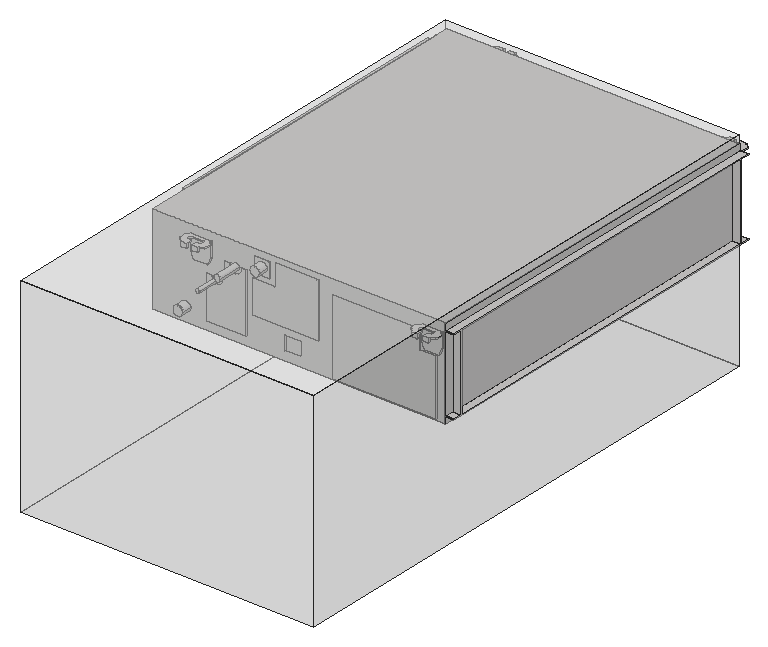
Revit family "outputfile", category 機械設備, Revit 2024
Family settings
  丸型コネクタ寸法 = 半径を使用
  パーツ タイプ = 標準
  OmniClass 番号 = 23.75.10.24.21.27.27
  OmniClass タイトル = Split System Air Conditioning Units
  作業面ベース = いいえ
  常に垂直 = はい
  ロード時にボイドで切り取り = いいえ
  注釈の向きを維持 = いいえ
  共有 = いいえ
  部屋計算ポイント = はい
Parameters (values of type "FBQ71EVE")
  Description = ""
  製造元 = "Daikin"
  書き出し IFC クラス(タイプ) = "IfcUnitaryEquipmentType"
  定義済み IFC タイプ(タイプ) = "AIRCONDITIONINGUNIT"
  Cost = 0
  モデル = "FBQ71EVE"
  Type Comments = ""
  Keynote = ""
  Type Image = (empty or 0)
  Assembly Code = ""
  switch_frequency = yes
  r_Liquid Pipe Size = Liquid Pipe Size / 2  # 4.75 mm
  r_Gas Pipe Size = Gas Pipe Size / 2  # 7.95 mm
  r_Drain Pipe Size = Drain Pipe Size / 2  # 12.5 mm
  lw_power = 770.0 mm  # constant formula
  lh_SA = 138.0 mm  # constant formula
  lw_SA = if(Depth = 550.0 mm, 225.0 mm, if(Depth = 700.0 mm, 300.0 mm, if(Depth = 1000.0 mm, 450.0 mm, if(Depth = 1400.0 mm, 650.0 mm, 725.0 mm))))  # 450.0 mm
  lw_RA = if(Depth = 550.0 mm, 275.0 mm, if(Depth = 700.0 mm, 349.0 mm, if(Depth = 1000.0 mm, 499.0 mm, if(Depth = 1400.0 mm, 699.0 mm, 775.0 mm))))  # 499.0 mm
  lh_power = 60.0 mm + [h***]  # 60.0 mm
  lh_mountinghole1 = lh_mountinghole + [h***]  # 222.0 mm
  lh_RA = 123.0 mm  # constant formula
  ld_power = Depth / 2  # 500.0 mm
  connector_voltage = Voltage_50Hz  # 230 V
  connector_powerinput = [Power Input (Cooling)]  # 2.220 kW
  connector_phase = Phase_50Hz  # 1
  Voltage_comment_60Hz = "220"
  Voltage_comment_50Hz = "220 - 240"
  Voltage_60Hz = 220 V
  Voltage_50Hz = 230 V
  URL = ""
  Supply Air Direction [instance] = yes
  Sound Power Level_H speed (dB) = 0
  Phase_60Hz = 1
  Phase_50Hz = 1
  Minimum External Static Pressure = 0.00 Pa
  Minimum Circuit Amps_60Hz = 0.0 A
  Minimum Circuit Amps_50Hz = 0.0 A
  Maximum Fuse Amps_60Hz = 0.0 A
  Maximum Fuse Amps_50Hz = 0.0 A
  Maximum External Static Pressure = 0.00 Pa
  Material_Casing = DAIKIN_GalvanizedSteel_Casing_indoorunit
  lw_mountinghole = 630.0 mm  # constant formula
  lh_gaspipe = 183.0 mm + [h***]  # 183.0 mm
  lh_mountinghole = 222.0 mm  # constant formula
  lh_liquidpipe = 136.0 mm + [h***]  # 136.0 mm
  lh_drainpipe = 207.0 mm + [h***]  # 207.0 mm
  lh_antena = Height - lh_mountinghole + 1.0 mm  # 24.0 mm
  ld_drainpipe = Depth / 2 + 26.0 mm  # 526.0 mm
  ld_liquidpipe = Depth / 2 + 69.0 mm  # 569.0 mm
  ld_gaspipe = Depth / 2 + 65.0 mm  # 565.0 mm
  ld_mountinghole = Depth + 38.0 mm  # 1038.0 mm
  h*** = 0.0 mm  # constant formula
  lw_liquidpipe = 179.0 mm  # constant formula
  lw_gaspipe = 229.0 mm  # constant formula
  lw_drainpipe = 300.0 mm  # constant formula
  Width = 800.0 mm
  Version = "ver.1.0"
  Unit Type = "Duct"
  Unit Mass Weight = 37.00 kg
  Unit Designation [instance] = ""
  Uniclass2015Version = "Products v1.30"
  Uniclass2015Title = "Split coil room air conditioning units"
  Uniclass2015Code = "Pr_70_65_03_86"
  Total Cooling Capacity [instance] = 0.000 kW
  Sound Pressure Level_M speed (dBA) = 35
  Sound Pressure Level_L speed (dBA) = 33
  Sound Pressure Level_H speed (dBA) = 38
  Series = "SkyAir_Fan Coil Unit"
  Sensible Cooling Capacity [instance] = 0.000 kW
  SA Duct Size Width = 792.0 mm
  SA Duct Size Height = 176.0 mm
  Refrigerant Type = "R410A"
  RA Duct Size Width = 952.0 mm
  RA Duct Size Height = 208.0 mm
  Power Input (Cooling) = 2.220 kW
  Option Accessory 3 [instance] = ""
  Option Accessory 2 [instance] = ""
  Option Accessory 1 [instance] = ""
  Nominal Cooling Capacity = 7.100 kW
  Minimum Airflow = 960.00 m³/h
  Median Airflow = 1170.00 m³/h
  Maximum Airflow = 1380.00 m³/h
  Load Classification = HVAC
  Liquid Pipe Size = 9.5 mm
  Link_Nested Family [instance] = ""
  IfcVersion = ""
  IfcExportType = "AIRCONDITIONINGUNIT"
  IfcExportAs = "IfcUnitaryEquipmentType"
  Height = 245.0 mm
  Heat Exchanger Type = "Cross Fin Coil"
  Gas Pipe Size = 15.9 mm
  Frequency_60Hz = 60 Hz
  Frequency_50Hz = 50 Hz
  Fan Type = "Sirocco Fan"
  Fan Drive = "-"
  FCU Tag No. [instance] = ""
  Drain Pipe Size = 25.0 mm
  Design Supply Airflow [instance] = 0.00 m³/h
  Design Return Airflow [instance] = 0.00 m³/h
  Design External Static Pressure [instance] = 0.00 Pa
  Depth = 1000.0 mm
  既定の高さ = 0.0 mm
  Cooling Entering Wet Bulb Temperature [instance] = 0.00 °C
  Cooling Entering Dry Bulb Temperature [instance] = 0.00 °C
  Cooling Ambient Wet Bulb Temperature [instance] = 0.00 °C
  Cooling Ambient Dry Bulb Temperature [instance] = 0.00 °C
  Clearance visibility [instance] = yes
  Clearance Top = 20.0 mm
  Clearance Right = 0.0 mm
  Clearance Rear = 0.0 mm
  Clearance Left = 0.0 mm
  Clearance Front = 450.0 mm
  Clearance Bottom = 300.0 mm
Reference planes
  plane 1 "Center (Front/Back)": y = 0
  plane 2 "h": z = 0
  plane 3 "Center (Left/Right)": x = 0
  plane 4 "Back": y = 500
  plane 5 "Front": y = -500
  plane 6 "Left": x = -400
  plane 7 "Right": x = 400
  plane 8 "Top": z = 0
  plane 9 "Bottom": z = -245
  plane 10: y = -215
  plane 11: y = 500
  plane 12: y = -950
  plane 13: x = -400
  plane 14: x = 400
  plane 15: z = 20
  plane 16: z = -545
  plane 17: x = -400
  plane 18: x = -399
  plane 19: x = 399
  plane 20: y = 50
  plane 21: y = -1
  plane 22: z = -122
  plane 23: y = -501
  plane 24: z = -109
  plane 25: x = -221
  plane 26: y = -565
  plane 27: z = -62
  plane 28: x = -171
  plane 29: y = -526
  plane 30: z = -38
  plane 31: x = -100
  plane 32: x = -100
  plane 33: x = -221
  plane 34: x = -171
  plane 35: x = 370
  plane 36: x = -266
  plane 37: x = 364
  plane 38: y = -519
  plane 39: y = 519
  plane 40: z = -23
  plane 41: z = -107
  plane 42: y = -569
  plane 43: z = -207
  plane 44: x = -309
  plane 45: y = -526
  plane 46: x = -251
  plane 47: x = -203
  plane 48: x = -144
  plane 49: z = -59
  plane 50: z = -106
  plane 51: z = -221
  plane 52: z = -109
  plane 53: x = -221
  plane 54: z = -62
  plane 55: x = -171
  plane 56: z = -17
  plane 57: z = -59
  plane 58: x = -121
  plane 59: x = -79
  plane 60: x = -125
  plane 61: x = -64
  plane 62: x = 53
  plane 63: z = -164
  plane 64: z = -73
  plane 65: z = -16
  plane 66: x = 93.5
  plane 67: x = 374.5
  plane 68: x = 330
  plane 69: z = -88.5
  plane 70: z = -38
  plane 71: z = -242.5
  plane 72: x = -38.5
  plane 73: x = 6.5
  plane 74: z = -181
  plane 75: z = -221
  plane 76: y = -499
  plane 77: x = -424
  plane 78: x = 424
Forms (mm)
  Extrusion 1, solid, material "DAIKIN_GalvanizedSteel_Casing_indoorunit" <- "Material_Casing"
    sketch origin (0, 0, 0) x (1, 0, 0) y (0, 1, 0)
      loop
        line (-399, 500) -> (-399, -500) -> (399, -500) -> (399, 500) -> (-399, 500)
    from -245 to 0
  Extrusion 2, solid, material "DAIKIN_GalvanizedSteel_Casing_indoorunit" <- "Material_Casing"
    sketch origin (0, 0, 0) x (1, 0, 0) y (0, 0, 1)
      loop
        line (-251, -221) -> (-144, -221) -> (-144, -59) -> (-154.47, -59)
        arc (-154.47, -59) -> (-171, -78.8) -> (-187.53, -59) r 16.8
        line (-187.53, -59) -> (-203, -59) -> (-203, -106) -> (-206.916, -106)
        arc (-206.916, -106) -> (-221, -123.4) -> (-235.084, -106) r 14.4
        line (-235.084, -106) -> (-251, -106) -> (-251, -221)
    from 500 to 501
  Extrusion 3, solid, material "DAIKIN_GalvanizedSteel_Casing_indoorunit" <- "Material_Casing"
    sketch origin (0, 0, 0) x (1, 0, 0) y (0, 0, 1)
      loop
        line (-121, -17) -> (-121, -59) -> (-79, -59) -> (-79, -17) -> (-121, -17)
      loop
        line (-125, -73) -> (-125, -164) -> (53, -164) -> (53, -16) -> (-64, -16) -> (-64, -73) -> (-125, -73)
    from 500 to 501
  Extrusion 4, solid, material "DAIKIN_GalvanizedSteel_Casing_indoorunit" <- "Material_Casing"
    sketch origin (0, 0, 0) x (1, 0, 0) y (0, 0, 1)
      loop
        line (93.5, -38) -> (93.5, -242.5) -> (374.5, -242.5) -> (374.5, -88.5) -> (330, -88.5) -> (330, -38) -> (93.5, -38)
    from 500 to 501
  Extrusion 5, solid, material "DAIKIN_GalvanizedSteel_Casing_indoorunit" <- "Material_Casing"
    sketch origin (0, 0, 0) x (1, 0, 0) y (0, 0, 1)
      loop
        circle (-221, -109) r 4.75
    from 500 to 569
  Extrusion 6, solid, material "DAIKIN_GalvanizedSteel_Casing_indoorunit" <- "Material_Casing"
    sketch origin (0, 0, 0) x (1, 0, 0) y (0, 0, 1)
      loop
        circle (-171, -62) r 7.95
    from 500 to 565
  Extrusion 7, solid, material "DAIKIN_GalvanizedSteel_Casing_indoorunit" <- "Material_Casing"
    sketch origin (0, 0, 0) x (1, 0, 0) y (0, 0, 1)
      loop
        circle (-100, -38) r 12.5
    from 501 to 526
  Extrusion 8, solid, material "DAIKIN_GalvanizedSteel_Casing_indoorunit" <- "Material_Casing"
    sketch origin (0, 0, 0) x (1, 0, 0) y (0, 0, 1)
      loop
        circle (-309, -207) r 13
    from 500 to 526
  Extrusion 9, void
    sketch origin (0, 0, 0) x (1, 0, 0) y (0, 0, 1)
      loop
        line (-38.5, -181) -> (-38.5, -221) -> (6.5, -221) -> (6.5, -181) -> (-38.5, -181)
    from 499 to 500
Cuts and joins
  Extrusion 9 cuts Extrusion 1
Dimensions and locks
  "Height": plane 8 "Top" to plane 9 "Bottom"
  equal spacing: plane 4 "Back", plane 1 "Center (Front/Back)", plane 5 "Front"
  "Depth": plane 4 "Back" to plane 5 "Front"
  equal spacing: plane 6 "Left", plane 3 "Center (Left/Right)", plane 7 "Right"
  "Width": plane 6 "Left" to plane 7 "Right"
  "Clearance Left": plane 13 to plane 6 "Left"
  "Clearance Right": plane 7 "Right" to plane 14
  "Clearance Rear": plane 11 to plane 4 "Back"
  "Clearance Front": plane 5 "Front" to plane 12
  "Clearance Top": plane 15 to plane 8 "Top"
  "Clearance Bottom": plane 9 "Bottom" to plane 16
  locked: plane 17 to plane 18 at 1
  locked: plane 19 to plane 14 at 1
  "lw_RA": plane 21 to plane 5 "Front"
  "lh_RA": plane 22 to plane 9 "Bottom"
  locked: plane 5 "Front" to plane 23 at 1
  "lw_liquidpipe": plane 25 to plane 6 "Left"
  "lh_liquidpipe": plane 24 to plane 9 "Bottom"
  "lh_gaspipe": plane 27 to plane 9 "Bottom"
  "lw_gaspipe": plane 28 to plane 6 "Left"
  "ld_gaspipe": plane 26 to plane 1 "Center (Front/Back)"
  "ld_drainpipe": plane 29 to plane 1 "Center (Front/Back)"
  "lh_drainpipe": plane 30 to plane 9 "Bottom"
  "lw_drainpipe": plane 31 to plane 6 "Left"
  "lw_drainpipe": plane 6 "Left" to plane 32
  "lw_liquidpipe": plane 6 "Left" to plane 33
  "lw_gaspipe": plane 6 "Left" to plane 34
  "lw_power": plane 6 "Left" to plane 35
  locked: plane 17 to plane 36 at 134
  "lw_mountinghole": plane 36 to plane 37
  equal spacing: plane 38, plane 1 "Center (Front/Back)", plane 39
  "ld_mountinghole": plane 39 to plane 38
  "lh_mountinghole": plane 40 to plane 9 "Bottom"
  "lh_SA": plane 41 to plane 9 "Bottom"
  locked: plane 44 to plane 6 "Left" at 91
  locked: plane 43 to plane 9 "Bottom" at 38
  locked: plane 5 "Front" to plane 45 at 26
  plane 48 to plane 47 to plane 46 to plane 6 "Left" = 59.0 mm, 48.0 mm, 149.0 mm
  plane 8 "Top" to plane 49 to plane 50 to plane 51 = 59.0 mm locked, 47.0 mm locked, 115.0 mm locked
  plane 55 to plane 53 to plane 6 "Left" = 50.0 mm locked, 179.0 mm locked
  plane 54 to plane 52 to plane 9 "Bottom" = 47.0 mm locked, 136.0 mm locked
  plane 59 to plane 58 to plane 6 "Left" = 42.0 mm locked, 279.0 mm locked
  plane 8 "Top" to plane 56 to plane 57 = 17.0 mm locked, 42.0 mm locked
  plane 62 to plane 61 to plane 60 to plane 6 "Left" = 117.0 mm, 61.0 mm, 275.0 mm
  plane 8 "Top" to plane 65 to plane 64 = 16.0 mm locked, 57.0 mm locked
  locked: plane 65 to plane 63 at 148
  plane 8 "Top" to plane 70 to plane 69 to plane 71 = 38.0 mm locked, 50.5 mm locked, 154.0 mm locked
  plane 67 to plane 68 to plane 66 to plane 6 "Left" = 44.5 mm locked, 236.5 mm locked, 493.5 mm locked
  plane 8 "Top" to plane 74 to plane 75 = 181.0 mm locked, 40.0 mm locked
  plane 73 to plane 72 to plane 6 "Left" = 45.0 mm, 361.5 mm
  locked: plane 76 to plane 5 "Front" at 1
  locked: plane 77 to plane 17 at 24
  locked: plane 14 to plane 78 at 24
  "ld_liquidpipe": plane 42 to plane 1 "Center (Front/Back)"
  "lw_SA": plane 4 "Back" to plane 20
  "r_Liquid Pipe Size": radius of Extrusion 5 sketch curve
  "r_Gas Pipe Size": radius of Extrusion 6 sketch curve
  "r_Drain Pipe Size": radius of Extrusion 7 sketch curve
  aligned and locked: level to plane 2 "h"
  aligned and locked: plane 8 "Top" to Extrusion 1
  aligned and locked: Extrusion 1 to plane 9 "Bottom"
  aligned and locked: nested 5 to plane 12
  aligned and locked: plane 13 to nested 5
  aligned and locked: plane 14 to nested 5
  aligned and locked: nested 5 to plane 13
  aligned and locked: plane 11 to nested 5
  aligned and locked: plane 15 to nested 5
  aligned and locked: plane 16 to nested 5
  aligned and locked: plane 5 "Front" to Extrusion 1 sketch curve
  aligned and locked: Extrusion 1 to plane 18
  aligned and locked: plane 19 to Extrusion 1
  aligned and locked: nested 7 to plane 18
  aligned and locked: nested 7 to plane 20
  aligned and locked: plane 19 to nested 8
  aligned and locked: plane 21 to nested 8
  aligned and locked: plane 22 to nested 8
  aligned and locked: Extrusion 2 to plane 23
  aligned and locked: plane 5 "Front" to Extrusion 2
  aligned and locked: Extrusion 3 to plane 23
  aligned and locked: plane 5 "Front" to Extrusion 3
  aligned and locked: plane 5 "Front" to Extrusion 4
  aligned and locked: Extrusion 5 sketch curve to plane 25
  aligned and locked: plane 24 to Extrusion 5 sketch curve
  aligned and locked: plane 5 "Front" to Extrusion 5
  aligned and locked: Extrusion 6 sketch curve to plane 28
  aligned and locked: plane 27 to Extrusion 6 sketch curve
  aligned and locked: plane 5 "Front" to Extrusion 6
  aligned and locked: Extrusion 7 sketch curve to plane 31
  aligned and locked: Extrusion 7 sketch curve to plane 30
  aligned and locked: Extrusion 7 to plane 29
  aligned and locked: plane 23 to Extrusion 7
  aligned and locked: nested 3 to plane 29
  aligned and locked: plane 32 to nested 3
  aligned and locked: nested 2 to plane 33
  aligned and locked: nested 1 to plane 34
  aligned and locked: Extrusion 6 to plane 26
  aligned and locked: nested 1 to plane 26
  aligned and locked: nested 6 to plane 5 "Front"
  aligned and locked: nested 6 to plane 35
  aligned and locked: plane 36 to nested 10
  aligned and locked: nested 10 to plane 5 "Front"
  aligned and locked: plane 37 to nested 9
  aligned and locked: nested 9 to plane 5 "Front"
  aligned and locked: nested 11 to plane 36
  aligned and locked: plane 4 "Back" to nested 11
  aligned and locked: nested 12 to plane 37
  aligned and locked: plane 4 "Back" to nested 12
  aligned and locked: plane 40 to nested 10
  aligned and locked: plane 40 to nested 11
  aligned and locked: plane 40 to nested 9
  aligned and locked: plane 40 to nested 12
  aligned and locked: plane 36 to nested 14
  aligned and locked: nested 14 to plane 39
  aligned and locked: plane 37 to nested 13
  aligned and locked: nested 13 to plane 39
  aligned and locked: plane 37 to nested 16
  aligned and locked: plane 38 to nested 16
  aligned and locked: plane 38 to nested 15
  aligned and locked: plane 36 to nested 15
  aligned and locked: plane 17 to plane 6 "Left"
  aligned and locked: plane 41 to nested 7
  aligned and locked: Extrusion 5 to plane 42
  aligned and locked: nested 2 to plane 42
  aligned and locked: Extrusion 8 sketch curve to plane 44
  aligned and locked: plane 43 to Extrusion 8 sketch curve
  aligned and locked: plane 5 "Front" to Extrusion 8
  aligned and locked: plane 45 to Extrusion 8
  aligned and locked: Extrusion 3 sketch curve to plane 56
  aligned and locked: Extrusion 3 sketch curve to plane 58
  aligned and locked: plane 57 to Extrusion 3 sketch curve
  aligned and locked: plane 59 to Extrusion 3 sketch curve
  aligned and locked: Extrusion 4 to plane 23
  aligned and locked: Extrusion 9 sketch curve to plane 74
  aligned and locked: plane 75 to Extrusion 9 sketch curve
  aligned and locked: plane 73 to Extrusion 9 sketch curve
  aligned and locked: plane 5 "Front" to Extrusion 9
  aligned and locked: plane 76 to Extrusion 9
  aligned and locked: nested 17 to plane 20
  aligned and locked: nested 17 to plane 77
  aligned and locked: plane 21 to nested 18
  aligned and locked: plane 78 to nested 18
  aligned and locked: plane 41 to nested 17
  aligned and locked: nested 18 to plane 22
  aligned and locked: nested 4 to plane 3 "Center (Left/Right)"
  aligned and locked: plane 1 "Center (Front/Back)" to nested 4
  aligned and locked: level to plane 8 "Top"
Automatic sketch dimensions
  plane 6 "Left" to Extrusion 1 sketch curve = 1.0 mm
  Extrusion 1 sketch curve to plane 7 "Right" = 1.0 mm
  Extrusion 1 sketch curve to plane 4 "Back" = 0.0 mm
  Extrusion 2 sketch curve to plane 46 = 0.0 mm
  Extrusion 2 sketch curve to plane 33 = 0.0 mm
  Extrusion 2 sketch curve to plane 47 = 0.0 mm
  Extrusion 2 sketch curve to plane 34 = 0.0 mm
  Extrusion 2 sketch curve to plane 48 = 0.0 mm
  Extrusion 2 sketch curve to plane 51 = 0.0 mm
  Extrusion 2 sketch curve to plane 52 = 0.0 mm
  Extrusion 2 sketch curve to plane 50 = 0.0 mm  (x3)
  Extrusion 2 sketch curve to plane 54 = 0.0 mm
  Extrusion 2 sketch curve to plane 49 = 0.0 mm  (x3)
  plane 33 to Extrusion 2 sketch curve = 14.084 mm
  plane 34 to Extrusion 2 sketch curve = 16.53 mm
  Extrusion 3 sketch curve to plane 60 = 0.0 mm
  Extrusion 3 sketch curve to plane 61 = 0.0 mm
  Extrusion 3 sketch curve to plane 62 = 0.0 mm
  Extrusion 3 sketch curve to plane 63 = 0.0 mm
  Extrusion 3 sketch curve to plane 64 = 0.0 mm
  Extrusion 3 sketch curve to plane 65 = 0.0 mm
  Extrusion 4 sketch curve to plane 66 = 0.0 mm
  Extrusion 4 sketch curve to plane 68 = 0.0 mm
  Extrusion 4 sketch curve to plane 67 = 0.0 mm
  Extrusion 4 sketch curve to plane 71 = 0.0 mm
  Extrusion 4 sketch curve to plane 69 = 0.0 mm
  Extrusion 4 sketch curve to plane 70 = 0.0 mm
  Extrusion 9 sketch curve to plane 72 = 0.0 mm
  radius of Extrusion 8 sketch curve = 13.0 mm
Nested families
  nested 1: "daikin_connector_rotate2" at (-171, 0, -62), length <- "ld_gaspipe", built-in parameter 1001364 <- "lh_gaspipe", radius <- "r_Gas Pipe Size", type "daikin_connector_rotate2"
    with radius 7.95 mm, length 565.0 mm, angle_vertical 90.00°
  nested 2: "daikin_connector_rotate2" at (-221, 0, -109), length <- "ld_liquidpipe", built-in parameter 1001364 <- "lh_liquidpipe", radius <- "r_Liquid Pipe Size", type "daikin_connector_rotate2"
    with radius 4.75 mm, length 569.0 mm, angle_vertical 90.00°
  nested 3: "daikin_connector_rotate2" at (-100, 0, -38), length <- "ld_drainpipe", built-in parameter 1001364 <- "lh_drainpipe", radius <- "r_Drain Pipe Size", type "daikin_connector_rotate2"
    with radius 12.5 mm, length 526.0 mm, angle_vertical 90.00°
  nested 4: "daikin_△_symbolicline" at (0, 0, 245) x (0, -1, 0) z (0, 0, 1), built-in parameter 1001364 <- "Height", visible <- "Supply Air Direction", type "daikin_△_symbolicline"
    with length 200.0 mm
  nested 5: "daikin_clearancespace" at (0, -225, -262.381), visible <- "Clearance visibility", show <- "Clearance visibility", Link_Nested Family <- "Link_Nested Family", type "daikin_clearancespace"
    with width 800.0 mm, show yes, height 565.0 mm, depth 1450.0 mm, Link_Nested Family ""
  nested 6: "daikin_connector_rotate2" at (370, 0, -185), built-in parameter 1001364 <- "lh_power", length <- "ld_power", type "daikin_connector_rotate2"
    with radius 10.0 mm, length 500.0 mm, angle_vertical 90.00°
  nested 7: "daikin_ductflange_FBQ-EVE2" at (-399, 50, -107) x (0, -1, 0) z (0, 0, 1), type "daikin_ductflange_FBQ-EVE2"
    with width 792.0 mm, w 1000.0 mm
  nested 8: "daikin_ductflange_FBQ-EVE" at (399, -1, -122) x (0, 1, 0) z (0, 0, 1), type "daikin_ductflange_FBQ-EVE"
    with width 952.0 mm, lw 25.0 mm, w 1000.0 mm
  nested 9: "daikin_hangerfixture_FBQ-EVE" at (364, -500, -23), type "daikin_hangerfixture_FBQ-EVE"
  nested 10: "daikin_hangerfixture_FBQ-EVE" at (-266, -500, -23), type "daikin_hangerfixture_FBQ-EVE"
  nested 11: "daikin_hangerfixture_FBQ-EVE" at (-266, 500, -23) x (-1, 0, 0) z (0, 0, 1), type "daikin_hangerfixture_FBQ-EVE"
  nested 12: "daikin_hangerfixture_FBQ-EVE" at (364, 500, -23) x (-1, 0, 0) z (0, 0, 1), type "daikin_hangerfixture_FBQ-EVE"
  nested 13: "daikin_mountinghole" at (364, 519, -245), h_mountinghole <- "lh_mountinghole1", l_antenna <- "lh_antena", Link_Nested Family <- "Link_Nested Family", type "daikin_mountinghole"
    with show yes, l_antenna 24.0 mm, h_mountinghole 222.0 mm, Link_Nested Family ""
  nested 14: "daikin_mountinghole" at (-266, 519, -245), h_mountinghole <- "lh_mountinghole1", l_antenna <- "lh_antena", Link_Nested Family <- "Link_Nested Family", type "daikin_mountinghole"
    with show yes, l_antenna 24.0 mm, h_mountinghole 222.0 mm, Link_Nested Family ""
  nested 15: "daikin_mountinghole" at (-266, -519, -245), h_mountinghole <- "lh_mountinghole1", l_antenna <- "lh_antena", Link_Nested Family <- "Link_Nested Family", type "daikin_mountinghole"
    with show yes, l_antenna 24.0 mm, h_mountinghole 222.0 mm, Link_Nested Family ""
  nested 16: "daikin_mountinghole" at (364, -519, -245), h_mountinghole <- "lh_mountinghole1", l_antenna <- "lh_antena", Link_Nested Family <- "Link_Nested Family", type "daikin_mountinghole"
    with show yes, l_antenna 24.0 mm, h_mountinghole 222.0 mm, Link_Nested Family ""
  nested 17: "daikin_connector_rotate2" at (-400, 50, -107) x (0, -1, 0) z (0, 0, 1), type "daikin_connector_rotate2"
    with radius 10.0 mm, length 24.0 mm, angle_vertical 90.00°
  nested 18: "daikin_connector_rotate2" at (400, -1, -122) x (0, 1, 0) z (0, 0, 1), type "daikin_connector_rotate2"
    with radius 10.0 mm, length 24.0 mm, angle_vertical 90.00°
Connectors
  piping at (-100, -526, -38), diameter 25, driven by "r_Drain Pipe Size"
    settings: on nested 3, index 3, connector inside diameter 609.6 mm, connector length 0.0 mm, flow factor 0, pipe flow 0.00 m³/h, pressure drop 0.0 Pa, fitting loss kfactor 0, connector angle 0.00°, fixture units 0, engagement length 0.0 mm, angle of deflection 0.00°, flow configuration 1, flow direction 2, fitting loss method 4, system type 16, joint type 0, gender type 0, connector reference index -1, connector utility 0, adjustable connector no, is connector primary yes, connector description "Condensate Drain Piping"
  piping at (-171, -565, -62), diameter 15.9, driven by "r_Gas Pipe Size"
    settings: on nested 1, index 4, connector inside diameter 609.6 mm, connector length 0.0 mm, flow factor 0, pipe flow 0.00 m³/h, pressure drop 0.0 Pa, fitting loss kfactor 0, connector angle 0.00°, fixture units 0, engagement length 0.0 mm, angle of deflection 0.00°, flow configuration 1, flow direction 2, fitting loss method 0, system type 29, joint type 0, gender type 0, connector reference index -1, connector utility 0, adjustable connector no, is connector primary no, connector description "Refrigerant Gas Piping"
  piping at (-221, -569, -109), diameter 9.5, driven by "r_Liquid Pipe Size"
    settings: on nested 2, index 5, connector inside diameter 609.6 mm, connector length 0.0 mm, flow factor 0, pipe flow 0.00 m³/h, pressure drop 0.0 Pa, fitting loss kfactor 0, connector angle 0.00°, fixture units 0, engagement length 0.0 mm, angle of deflection 0.00°, flow configuration 1, flow direction 1, fitting loss method 0, system type 29, joint type 0, gender type 0, connector reference index -1, connector utility 0, adjustable connector no, is connector primary no, connector description "Refrigerant Liquid Piping"
  electrical at (370, -500, -185), driven by "Load Classification", driven by "connector_powerinput", driven by "connector_voltage", driven by "connector_phase"
    settings: on nested 6, index 6, voltage 230 V, apparent load 2220 VA, apparent load phase1 0 VA, apparent load phase2 0 VA, apparent load phase3 0 VA, power factor 1, load classification "HVAC", number of poles 1, system type 30, power factor state 1, is connector primary yes, connector utility no, sub classification motor no, connector description "Power Supply"
  hvac at (-424, 50, -107), driven by "SA Duct Size Height", driven by "SA Duct Size Width"
    settings: on nested 17, index 7, duct flow 0.00 m³/h, flow factor 0, pres drop 0.00 Pa, loss coef 0, conn angle 0.00°, conn width 792.0 mm, conn height 176.0 mm, conn diameter 609.6 mm, duct sys type 1, conn prof type 1, flow config 0, flow direction 2, loss method 4, conn ref index -1, conn util no, is conn primary yes, conn desc "SA Duct"
  hvac at (424, -1, -122), driven by "RA Duct Size Height", driven by "RA Duct Size Width"
    settings: on nested 18, index 8, duct flow 0.00 m³/h, flow factor 0, pres drop 0.00 Pa, loss coef 0, conn angle 0.00°, conn width 952.0 mm, conn height 208.0 mm, conn diameter 609.6 mm, duct sys type 2, conn prof type 1, flow config 0, flow direction 1, loss method 4, conn ref index -1, conn util no, is conn primary no, conn desc "RA Duct"
Definition of nested family "daikin_clearancespace"
  Parameters (values of type "daikin_clearancespace")
    Description = "daikin_clearancespace"
    width [instance] = 1823.963 mm
    show [instance] = yes
    material = none
    height [instance] = 1359.762 mm
    depth [instance] = 880.0 mm
    Default Elevation = 0.0 mm
    Link_Nested Family [instance] = ""
  Reference planes
    plane 1 "Center (Front/Back)": y = 0
    plane 2 "Center (Elevation)": z = -0.119
    plane 3 "Center (Left/Right)": x = 0
    plane 4: y = 440
    plane 5: y = -440
    plane 6 "Right": x = 911.982
    plane 7 "Left": x = -911.982
    plane 8 "Top": z = 679.762
    plane 9 "Bottom": z = -680
  Forms (mm)
    Extrusion 1, solid, material <- "material", visible <- "show"
      sketch origin (0, 0, 0) x (1, 0, 0) y (0, 1, 0)
        loop
          line (-911.982, 440) -> (-911.982, -440) -> (911.982, -440) -> (911.982, 440) -> (-911.982, 440)
      from -680 to 679.762
  Lines and regions (mm)
    symbolic lines, visible <- "show"
      curve 1: line (911.982, 440, 0) -> (-911.982, 440, 0)
      curve 2: line (-911.982, 440, 0) -> (-911.982, -440, 0)
      curve 3: line (-911.982, -440, 0) -> (911.982, -440, 0)
      curve 4: line (911.982, -440, 0) -> (911.982, 440, 0)
      curve 5: line (911.982, 0, 679.762) -> (-911.982, 0, 679.762)
      curve 6: line (911.982, 0, -680) -> (911.982, 0, 679.762)
      curve 7: line (-911.982, 0, -680) -> (911.982, 0, -680)
      curve 8: line (-911.982, 0, 679.762) -> (-911.982, 0, -680)
      curve 9: line (0, 440, 679.762) -> (0, -440, 679.762)
      curve 10: line (0, -440, 679.762) -> (0, -440, -680)
      curve 11: line (0, 440, -680) -> (0, 440, 679.762)
      curve 12: line (0, -440, -680) -> (0, 440, -680)
  Dimensions and locks
    "width": plane 7 "Left" to plane 6 "Right"
    "depth": plane 4 to plane 5
    "height": plane 8 "Top" to plane 9 "Bottom"
    equal spacing: plane 7 "Left", plane 3 "Center (Left/Right)", plane 6 "Right"
    equal spacing: plane 4, plane 1 "Center (Front/Back)", plane 5
    equal spacing: plane 8 "Top", plane 2 "Center (Elevation)", plane 9 "Bottom"
    aligned and locked: level to plane 2 "Center (Elevation)"
    aligned and locked: Extrusion 1 sketch curve to plane 4
    aligned and locked: plane 7 "Left" to Extrusion 1 sketch curve
    aligned and locked: Extrusion 1 sketch curve to plane 5
    aligned and locked: Extrusion 1 sketch curve to plane 6 "Right"
    aligned and locked: plane 8 "Top" to Extrusion 1
    aligned and locked: curve 1 to Extrusion 1
    aligned and locked: curve 2 to Extrusion 1
    aligned and locked: curve 3 to Extrusion 1
    aligned and locked: curve 4 to Extrusion 1
    aligned and locked: curve 5 to Extrusion 1
    aligned and locked: curve 6 to Extrusion 1
    aligned and locked: curve 7 to Extrusion 1
    aligned and locked: curve 8 to Extrusion 1
    aligned and locked: curve 9 to Extrusion 1
    aligned and locked: curve 10 to Extrusion 1
    aligned and locked: curve 11 to Extrusion 1
    aligned and locked: curve 12 to Extrusion 1
    aligned and locked: Extrusion 1 to plane 9 "Bottom"
Definition of nested family "daikin_ductflange_FBQ-EVE2"
  Parameters (values of type "daikin_ductflange_FBFC-DVMG2")
    width = if(w = 550.0 mm, 337.0 mm, if(w = 700.0 mm, 492.0 mm, if(w = 1000.0 mm, 792.0 mm, if(w = 1400.0 mm, 1192.0 mm, 1337.0 mm))))  # 1192.0 mm
    material = none
    height = 215.0 mm
    depth = 1.0 mm
    w = 1400.0 mm
    Default Elevation = 0.0 mm
  Reference planes
    plane 1 "Center (Front/Back)": y = 0
    plane 2: z = 0
    plane 3 "Center (Left/Right)": x = 0
    plane 4: z = 88
    plane 5: z = -88
    plane 6: y = -25
    plane 7: z = 106
    plane 8: z = 89
    plane 9: y = -1
    plane 10: x = -617.5
    plane 11: x = 617.5
    plane 12: z = -106
    plane 13: z = -89
    plane 14: y = -1
    plane 15: x = 596
    plane 16: x = -596
    plane 17: x = 597
    plane 18: z = 87
    plane 19: z = -87
    plane 20: x = -597
    plane 21: z = 87
    plane 22: z = -87
    plane 23: y = -1
  Forms (mm)
    Extrusion 1, solid, material <- "material"
      sketch origin (0, 0, 0) x (0, 1, 0) y (0, 0, 1)
        loop
          line (-25, 88) -> (0, 88) -> (0, 106) -> (-1, 106) -> (-1, 89) -> (-25, 89) -> (-25, 88)
      from -617.5 to 617.5
    Extrusion 2, solid, material <- "material"
      sketch origin (0, 0, 0) x (0, 1, 0) y (0, 0, 1)
        loop
          line (-25, -88) -> (-25, -89) -> (-1, -89) -> (-1, -106) -> (0, -106) -> (0, -88) -> (-25, -88)
      from -617.5 to 617.5
    Extrusion 3, solid, material <- "material"
      sketch origin (0, 0, 0) x (1, 0, 0) y (0, 0, 1)
        loop
          line (596, 88) -> (596, -88) -> (617.5, -88) -> (617.5, -87) -> (597, -87) -> (597, 87) -> (617.5, 87) -> (617.5, 88) -> (596, 88)
      from 0 to 25
    Extrusion 4, solid, material <- "material"
      sketch origin (0, 0, 0) x (1, 0, 0) y (0, 0, 1)
        loop
          line (-617.5, 88) -> (-617.5, 87) -> (-597, 87) -> (-597, -87) -> (-617.5, -87) -> (-617.5, -88) -> (-596, -88) -> (-596, 88) -> (-617.5, 88)
      from 0 to 25
    Extrusion 5, solid, material <- "material"
      sketch origin (0, 0, 0) x (1, 0, 0) y (0, 0, 1)
        loop
          line (-617.5, 88) -> (-617.5, -88) -> (-596, -88) -> (-596, 88) -> (-617.5, 88)
        loop
          line (617.5, 88) -> (596, 88) -> (596, -88) -> (617.5, -88) -> (617.5, 88)
      from 0 to 1
  Cuts and joins
    joined: Extrusion 1, Extrusion 2, Extrusion 3, Extrusion 4, Extrusion 5
  Dimensions and locks
    plane 4 to level to plane 5 = 88.0 mm, 88.0 mm
    locked: plane 6 to plane 1 "Center (Front/Back)" at 25
    locked: plane 9 to plane 1 "Center (Front/Back)" at 1
    locked: plane 8 to plane 4 at 1
    locked: plane 16 to plane 10 at 21.5
    locked: plane 17 to plane 15 at 1
    locked: plane 4 to plane 18 at 1
    locked: plane 19 to plane 5 at 1
    "width": plane 15 to plane 16
    plane 4 to plane 5 = 176.0 mm
    locked: plane 16 to plane 20 at 1
    locked: plane 4 to plane 21 at 1
    locked: plane 22 to plane 5 at 1
    locked: plane 23 to plane 1 "Center (Front/Back)" at 1
    plane 4 to level to plane 5 = 88.0 mm locked, 88.0 mm locked
    locked: plane 5 to plane 13 at 1
    locked: plane 5 to plane 12 at 18
    locked: plane 7 to plane 4 at 18
    equal spacing: plane 15, plane 3 "Center (Left/Right)", plane 16
    locked: plane 11 to plane 15 at 21.5
    plane 11 to plane 10 = 1235.0 mm
    aligned and locked: level to plane 2
    aligned and locked: Extrusion 1 to plane 10
    aligned and locked: plane 11 to Extrusion 1
    aligned and locked: plane 5 to Extrusion 2
    aligned and locked: Extrusion 2 to plane 1 "Center (Front/Back)"
    aligned and locked: plane 15 to Extrusion 3 sketch curve
    aligned and locked: Extrusion 3 sketch curve to Extrusion 2  (x2)
    aligned and locked: Extrusion 3 sketch curve to plane 11
    aligned and locked: plane 6 to Extrusion 3
    aligned and locked: Extrusion 2 to plane 10
    aligned and locked: plane 11 to Extrusion 2
    aligned and locked: Extrusion 4 sketch curve to Extrusion 1  (x2)
    aligned and locked: plane 5 to Extrusion 4 sketch curve
    aligned and locked: Extrusion 4 sketch curve to plane 16
    aligned and locked: Extrusion 4 sketch curve to plane 22
    aligned and locked: plane 20 to Extrusion 4 sketch curve
    aligned and locked: plane 21 to Extrusion 4 sketch curve
    aligned and locked: Extrusion 4 to plane 1 "Center (Front/Back)"
    aligned and locked: plane 6 to Extrusion 4
    aligned and locked: Extrusion 5 sketch curve to Extrusion 1  (x4)
    aligned and locked: Extrusion 5 sketch curve to Extrusion 4  (x2)
    aligned and locked: Extrusion 5 sketch curve to Extrusion 3  (x2)
    aligned and locked: Extrusion 5 to plane 1 "Center (Front/Back)"
    aligned and locked: plane 23 to Extrusion 5
  Automatic sketch dimensions
    Extrusion 1 sketch curve to plane 6 = 0.0 mm
    Extrusion 1 sketch curve to plane 7 = 0.0 mm
    Extrusion 1 sketch curve to plane 9 = 0.0 mm
    Extrusion 1 sketch curve to plane 1 "Center (Front/Back)" = 0.0 mm
    Extrusion 1 sketch curve to plane 4 = 0.0 mm
    Extrusion 1 sketch curve to plane 8 = 0.0 mm
    Extrusion 2 sketch curve to plane 6 = 0.0 mm
    plane 12 to Extrusion 2 sketch curve = 0.0 mm
    Extrusion 2 sketch curve to plane 14 = 0.0 mm
    Extrusion 2 sketch curve to plane 1 "Center (Front/Back)" = 0.0 mm
    plane 13 to Extrusion 2 sketch curve = 0.0 mm
    Extrusion 2 sketch curve to plane 5 = 0.0 mm
    Extrusion 3 sketch curve to plane 17 = 0.0 mm
    Extrusion 3 sketch curve to plane 19 = 0.0 mm
    Extrusion 3 sketch curve to plane 18 = 0.0 mm
    Extrusion 3 sketch curve to plane 4 = 0.0 mm
    Extrusion 4 sketch curve to plane 10 = 0.0 mm
Definition of nested family "daikin_ductflange_FBQ-EVE"
  Parameters (values of type "daikin_ductflange_FBFC-DVMG")
    width = if(w = 550.0 mm, 502.0 mm, if(w = 700.0 mm, 654.0 mm, if(w = 1000.0 mm, 952.0 mm, if(w = 1400.0 mm, 1352.0 mm, 1502.0 mm))))  # 654.0 mm
    material = none
    lw = if(width = 654.0 mm, 23.0 mm, 25.0 mm)  # 23.0 mm
    height = 208.0 mm
    depth = 1.0 mm
    w = 700.0 mm
    Default Elevation = 0.0 mm
  Reference planes
    plane 1 "Center (Front/Back)": y = 0
    plane 2: z = 0
    plane 3 "Center (Left/Right)": x = 0
    plane 4: z = 104
    plane 5: z = -104
    plane 6: y = -25
    plane 7: z = 121
    plane 8: z = 105
    plane 9: y = -1
    plane 10: x = -350
    plane 11: x = 350
    plane 12: z = -122
    plane 13: z = -105
    plane 14: y = -1
    plane 15: x = 327
    plane 16: x = -327
    plane 17: x = 328
    plane 18: z = 103
    plane 19: z = -103
    plane 20: x = -328
    plane 21: z = 103
    plane 22: z = -103
    plane 23: y = -1
  Forms (mm)
    Extrusion 1, solid, material <- "material"
      sketch origin (0, 0, 0) x (0, 1, 0) y (0, 0, 1)
        loop
          line (-25, 104) -> (0, 104) -> (0, 121) -> (-1, 121) -> (-1, 105) -> (-25, 105) -> (-25, 104)
      from -350 to 350
    Extrusion 2, solid, material <- "material"
      sketch origin (0, 0, 0) x (0, 1, 0) y (0, 0, 1)
        loop
          line (-25, -104) -> (-25, -105) -> (-1, -105) -> (-1, -122) -> (0, -122) -> (0, -104) -> (-25, -104)
      from -350 to 350
    Extrusion 3, solid, material <- "material"
      sketch origin (0, 0, 0) x (1, 0, 0) y (0, 0, 1)
        loop
          line (327, 104) -> (327, -104) -> (350, -104) -> (350, -103) -> (328, -103) -> (328, 103) -> (350, 103) -> (350, 104) -> (327, 104)
      from 0 to 25
    Extrusion 4, solid, material <- "material"
      sketch origin (0, 0, 0) x (1, 0, 0) y (0, 0, 1)
        loop
          line (-350, 104) -> (-350, 103) -> (-328, 103) -> (-328, -103) -> (-350, -103) -> (-350, -104) -> (-327, -104) -> (-327, 104) -> (-350, 104)
      from 0 to 25
    Extrusion 5, solid, material <- "material"
      sketch origin (0, 0, 0) x (1, 0, 0) y (0, 0, 1)
        loop
          line (-350, 104) -> (-350, -104) -> (-327, -104) -> (-327, 104) -> (-350, 104)
        loop
          line (350, 104) -> (327, 104) -> (327, -104) -> (350, -104) -> (350, 104)
      from 0 to 1
  Cuts and joins
    joined: Extrusion 1, Extrusion 2, Extrusion 3, Extrusion 4, Extrusion 5
  Dimensions and locks
    plane 4 to level to plane 5 = 104.0 mm, 104.0 mm
    locked: plane 6 to plane 1 "Center (Front/Back)" at 25
    locked: plane 9 to plane 1 "Center (Front/Back)" at 1
    locked: plane 8 to plane 4 at 1
    "lw": plane 11 to plane 15
    "lw": plane 16 to plane 10
    locked: plane 17 to plane 15 at 1
    locked: plane 4 to plane 18 at 1
    locked: plane 19 to plane 5 at 1
    "width": plane 15 to plane 16
    equal spacing: plane 15, plane 3 "Center (Left/Right)", plane 16
    locked: plane 16 to plane 20 at 1
    locked: plane 4 to plane 21 at 1
    locked: plane 22 to plane 5 at 1
    locked: plane 23 to plane 1 "Center (Front/Back)" at 1
    locked: plane 7 to plane 4 at 17
    locked: plane 1 "Center (Front/Back)" to plane 14 at 1
    locked: plane 5 to plane 13 at 1
    "height": plane 4 to plane 5
    plane 11 to plane 10 = 700.0 mm
    locked: plane 12 to plane 13 at 17
    equal spacing: plane 4, level, plane 5
    aligned and locked: level to plane 2
    aligned and locked: Extrusion 1 to plane 10
    aligned and locked: plane 11 to Extrusion 1
    aligned and locked: plane 5 to Extrusion 2
    aligned and locked: Extrusion 2 to plane 1 "Center (Front/Back)"
    aligned and locked: plane 15 to Extrusion 3 sketch curve
    aligned and locked: Extrusion 3 sketch curve to Extrusion 2  (x2)
    aligned and locked: Extrusion 3 sketch curve to plane 11
    aligned and locked: plane 6 to Extrusion 3
    aligned and locked: Extrusion 2 to plane 10
    aligned and locked: plane 11 to Extrusion 2
    aligned and locked: Extrusion 4 sketch curve to Extrusion 1  (x2)
    aligned and locked: plane 5 to Extrusion 4 sketch curve
    aligned and locked: Extrusion 4 sketch curve to plane 16
    aligned and locked: Extrusion 4 sketch curve to plane 22
    aligned and locked: plane 20 to Extrusion 4 sketch curve
    aligned and locked: plane 21 to Extrusion 4 sketch curve
    aligned and locked: Extrusion 4 to plane 1 "Center (Front/Back)"
    aligned and locked: plane 6 to Extrusion 4
    aligned and locked: Extrusion 5 sketch curve to Extrusion 1  (x4)
    aligned and locked: Extrusion 5 sketch curve to Extrusion 4  (x2)
    aligned and locked: Extrusion 5 sketch curve to Extrusion 3  (x2)
    aligned and locked: Extrusion 5 to plane 1 "Center (Front/Back)"
    aligned and locked: plane 23 to Extrusion 5
  Automatic sketch dimensions
    Extrusion 1 sketch curve to plane 6 = 0.0 mm
    Extrusion 1 sketch curve to plane 7 = 0.0 mm
    Extrusion 1 sketch curve to plane 9 = 0.0 mm
    Extrusion 1 sketch curve to plane 1 "Center (Front/Back)" = 0.0 mm
    Extrusion 1 sketch curve to plane 4 = 0.0 mm
    Extrusion 1 sketch curve to plane 8 = 0.0 mm
    Extrusion 2 sketch curve to plane 6 = 0.0 mm
    plane 12 to Extrusion 2 sketch curve = 0.0 mm
    Extrusion 2 sketch curve to plane 14 = 0.0 mm
    Extrusion 2 sketch curve to plane 1 "Center (Front/Back)" = 0.0 mm
    plane 13 to Extrusion 2 sketch curve = 0.0 mm
    Extrusion 2 sketch curve to plane 5 = 0.0 mm
    Extrusion 3 sketch curve to plane 17 = 0.0 mm
    Extrusion 3 sketch curve to plane 19 = 0.0 mm
    Extrusion 3 sketch curve to plane 18 = 0.0 mm
    Extrusion 3 sketch curve to plane 4 = 0.0 mm
    Extrusion 4 sketch curve to plane 10 = 0.0 mm
Definition of nested family "daikin_hangerfixture_FBQ-EVE"
  Parameters (values of type "daikin_hangerfixture_FXMQ-PAVE")
    width = 72.0 mm
    material = none
    height = 60.0 mm
    depth = 41.0 mm
    Default Elevation = 0.0 mm
  Reference planes
    plane 1 "Center (Front/Back)": y = 0
    plane 2: z = 0
    plane 3 "Center (Left/Right)": x = 0
    plane 4: y = 417.146
    plane 5: y = -41
    plane 6: x = -36
    plane 7: x = 36
    plane 8: z = -2.3
    plane 9: z = -60
    plane 10: y = -2.3
    plane 11: z = -12
    plane 12: y = -38.7
  Forms (mm)
    Extrusion 1, solid, material <- "material"
      sketch origin (0, 0, 0) x (1, 0, 0) y (0, 1, 0)
        loop
          line (-28, 0) -> (-28, -5)
          arc (-28, -5) -> (-29.127, -8.162) -> (-32, -9.899) r 5
          arc (-32, -9.899) -> (-34.873, -11.636) -> (-36, -14.798) r 5
          line (-36, -14.798) -> (-36, -27.178)
          arc (-36, -27.178) -> (-35.429, -29.499) -> (-33.846, -31.289) r 5
          line (-33.846, -31.289) -> (-23, -38.798) -> (-23, -41.098) -> (-6.5, -41.098) -> (-6.5, -28.498)
          arc (-6.5, -28.498) -> (-7.379, -26.377) -> (-9.5, -25.498) r 3
          line (-9.5, -25.498) -> (-13.5, -25.498)
          arc (-13.5, -25.498) -> (-20, -18.998) -> (-13.5, -12.498) r 6.5
          line (-13.5, -12.498) -> (13.5, -12.498)
          arc (13.5, -12.498) -> (20, -18.998) -> (13.5, -25.498) r 6.5
          line (13.5, -25.498) -> (9.5, -25.498)
          arc (9.5, -25.498) -> (7.379, -26.377) -> (6.5, -28.498) r 3
          line (6.5, -28.498) -> (6.5, -41.098) -> (23, -41.098) -> (23, -38.798) -> (33.846, -31.289)
          arc (33.846, -31.289) -> (35.429, -29.499) -> (36, -27.178) r 5
          line (36, -27.178) -> (36, -14.596)
          arc (36, -14.596) -> (34.873, -11.434) -> (32, -9.697) r 5
          arc (32, -9.697) -> (29.127, -7.96) -> (28, -4.798) r 5
          line (28, -4.798) -> (28, 0) -> (-28, 0)
      from 0 to -2.3
    Extrusion 2, solid, material <- "material"
      sketch origin (0, 0, 0) x (1, 0, 0) y (0, 0, 1)
        loop
          line (28, -39.037) -> (28, 0) -> (-28, 0) -> (-28, -39.037)
          arc (-28, -39.037) -> (-27.91, -39.983) -> (-27.642, -40.894) r 5
          line (-27.642, -40.894) -> (-21.257, -56.857)
          arc (-21.257, -56.857) -> (-19.418, -59.14) -> (-16.615, -60) r 5
          line (-16.615, -60) -> (16.615, -60)
          arc (16.615, -60) -> (19.418, -59.14) -> (21.257, -56.857) r 5
          line (21.257, -56.857) -> (27.642, -40.894)
          arc (27.642, -40.894) -> (27.91, -39.983) -> (28, -39.037) r 5
      from 0 to 2.3
    Extrusion 3, solid, material <- "material"
      sketch origin (0, 0, 0) x (1, 0, 0) y (0, 0, 1)
        loop
          line (-23, 0) -> (-23, -9)
          arc (-23, -9) -> (-22.121, -11.121) -> (-20, -12) r 3
          line (-20, -12) -> (-9.5, -12)
          arc (-9.5, -12) -> (-7.379, -11.121) -> (-6.5, -9) r 3
          line (-6.5, -9) -> (-6.5, 0) -> (-23, 0)
        loop
          line (23, 0) -> (6.5, 0) -> (6.5, -9)
          arc (6.5, -9) -> (7.379, -11.121) -> (9.5, -12) r 3
          line (9.5, -12) -> (20, -12)
          arc (20, -12) -> (22.121, -11.121) -> (23, -9) r 3
          line (23, -9) -> (23, 0)
      from 38.8 to 41.098
  Cuts and joins
    joined: Extrusion 1, Extrusion 2, Extrusion 3
  Dimensions and locks
    plane 2 to plane 8 = 2.3 mm
    "height": plane 2 to plane 9
    locked: plane 10 to plane 1 "Center (Front/Back)" at 2.3
    locked: plane 2 to plane 11 at 12
    locked: plane 12 to plane 5 at 2.3
    aligned and locked: level to plane 2
    aligned and locked: Extrusion 1 to plane 8
    aligned and locked: plane 2 to Extrusion 1
    aligned and locked: plane 2 to Extrusion 2 sketch curve
    aligned and locked: Extrusion 2 to plane 10
    aligned and locked: Extrusion 2 to plane 1 "Center (Front/Back)"
    aligned and locked: Extrusion 3 sketch curve to cut or joined group of Extrusion 1, Extrusion 2, Extrusion 3  (x3)
    aligned and locked: cut or joined group of Extrusion 1, Extrusion 2, Extrusion 3 to Extrusion 3
  Automatic sketch dimensions
    Extrusion 2 sketch curve to plane 7 = 8.0 mm
    Extrusion 2 sketch curve to plane 8 = 36.737 mm
    plane 6 to Extrusion 2 sketch curve = 19.385 mm
    Extrusion 1 sketch curve to plane 6 = 0.0 mm
    plane 1 "Center (Front/Back)" to Extrusion 1 sketch curve = 0.0 mm
    Extrusion 1 sketch curve to plane 7 = 0.0 mm
    plane 6 to Extrusion 1 sketch curve = 2.154 mm
    plane 6 to Extrusion 1 sketch curve = 3.0 mm
    Extrusion 1 sketch curve to Extrusion 1 sketch curve = 5.0 mm  (x3)
    Extrusion 1 sketch curve to plane 12 = 0.098 mm  (x2)
    Extrusion 1 sketch curve to Extrusion 1 sketch curve = 4.0 mm  (x2)
    Extrusion 1 sketch curve to plane 5 = 0.098 mm  (x2)
    Extrusion 1 sketch curve to plane 3 "Center (Left/Right)" = 6.5 mm
    plane 3 "Center (Left/Right)" to Extrusion 1 sketch curve = 6.5 mm
    Extrusion 1 sketch curve to Extrusion 1 sketch curve = 3.0 mm
    Extrusion 1 sketch curve to plane 7 = 8.0 mm
    Extrusion 1 sketch curve to plane 7 = 5.0 mm
    Extrusion 1 sketch curve to plane 7 = 3.0 mm
    Extrusion 1 sketch curve to plane 7 = 2.154 mm
    plane 12 to Extrusion 1 sketch curve = 7.411 mm  (x2)
    plane 12 to Extrusion 1 sketch curve = 10.202 mm  (x2)
    Extrusion 1 sketch curve to Extrusion 1 sketch curve = 6.5 mm  (x2)
    Extrusion 1 sketch curve to Extrusion 1 sketch curve = 12.38 mm
    Extrusion 1 sketch curve to plane 10 = 12.296 mm
    Extrusion 1 sketch curve to plane 10 = 2.7 mm
    Extrusion 1 sketch curve to plane 10 = 2.498 mm
    plane 6 to Extrusion 1 sketch curve = 4.0 mm
    Extrusion 1 sketch curve to Extrusion 1 sketch curve = 0.0 mm  (x2)
    Extrusion 1 sketch curve to plane 7 = 4.0 mm
    Extrusion 1 sketch curve to Extrusion 1 sketch curve = 4.111 mm
    Extrusion 3 sketch curve to level = 0.0 mm  (x2)
    Extrusion 3 sketch curve to plane 11 = 0.0 mm  (x2)
    plane 11 to Extrusion 3 sketch curve = 3.0 mm  (x2)
    plane 3 "Center (Left/Right)" to Extrusion 3 sketch curve = 6.5 mm
    Extrusion 3 sketch curve to Extrusion 3 sketch curve = 3.0 mm  (x2)
    Extrusion 2 sketch curve to plane 9 = 0.0 mm
    Extrusion 2 sketch curve to Extrusion 2 sketch curve = 11.385 mm
    plane 6 to Extrusion 2 sketch curve = 8.0 mm
    plane 9 to Extrusion 2 sketch curve = 20.963 mm
    Extrusion 2 sketch curve to Extrusion 2 sketch curve = 5.0 mm  (x2)
    plane 9 to Extrusion 2 sketch curve = 3.143 mm  (x3)
    Extrusion 2 sketch curve to Extrusion 2 sketch curve = 4.642 mm  (x2)
    Extrusion 2 sketch curve to Extrusion 2 sketch curve = 0.0 mm  (x2)
    Extrusion 2 sketch curve to Extrusion 2 sketch curve = 0.358 mm
    Extrusion 2 sketch curve to Extrusion 2 sketch curve = 1.857 mm  (x2)
Definition of nested family "daikin_connector_rotate2"
  Parameters (values of type "daikin_connector_rotate2")
    Default Elevation = 1219.2 mm
    show_face = no
    radius [instance] = 10.0 mm
    length [instance] = 600.0 mm
    d_surface = 10.0 mm
    angle_vertical [instance] = 90.00°
  Reference planes
    plane 1 "Center (Front/Back)": y = 0
    plane 2: z = 0
    plane 3 "Center (Left/Right)": x = 0
  Forms (mm)
    Extrusion 1, solid, visible <- "show_face"
      sketch origin (0, -600, 0) x (1, 0, 0) y (0, 0, 1)
        loop
          circle (0, 0) r 10
      from 0 to -10
  Lines and regions (mm)
    reference lines
      curve 1: line (0, 0, 0) -> (0, -600, 0)
    symbolic lines
      curve 2: circle (0, 0, 0) r 5 normal (0, 0, 1)
    model lines, visible <- "show_face"
      curve 3: line (0, 0, 0) -> (0, -600, 0)
  Dimensions and locks
    "length": curve 1 to curve 1
    "length": curve 3 to curve 3
    "d_surface": Extrusion 1 to Extrusion 1
    "radius": radius of Extrusion 1 sketch curve
    "angle_vertical": angle curve 1 to plane 1 "Center (Front/Back)"
    "angle_vertical": angle curve 3 to plane 1 "Center (Front/Back)"
    aligned and locked: level to plane 2
    aligned and locked: plane 1 "Center (Front/Back)" to curve 1
    aligned and locked: plane 2 to curve 1
    aligned and locked: plane 1 "Center (Front/Back)" to curve 2
    aligned and locked: plane 3 "Center (Left/Right)" to curve 2
    aligned and locked: plane 1 "Center (Front/Back)" to curve 3
    aligned and locked: plane 2 to curve 3
    aligned and locked: Extrusion 1 to Extrusion 1
  Automatic sketch dimensions
    Extrusion 1 sketch curve to level = 0.0 mm
    Extrusion 1 sketch curve to plane 3 "Center (Left/Right)" = 0.0 mm
    radius of curve 2 = 5.0 mm
Definition of nested family "daikin_△_symbolicline"
  Parameters (values of type "daikin_△_symbolicline")
    length [instance] = 200.0 mm
    Default Elevation = 0.0 mm
  Reference planes
    plane 1 "Center (Front/Back)": y = 0
    plane 2: z = 0
    plane 3 "Center (Left/Right)": x = 0
  Lines and regions (mm)
    symbolic lines
      curve 1: line (0, -173.205, 0) -> (100, 0, 0)
      curve 2: line (100, 0, 0) -> (-100, 0, 0)
      curve 3: line (-100, 0, 0) -> (0, -173.205, 0)
  Dimensions and locks
    equal spacing: curve 3, plane 3 "Center (Left/Right)", curve 2
    "length": curve 3 to curve 2
    "length": curve 3 to curve 3
    "length": curve 1 to curve 1
    aligned and locked: level to plane 2
    aligned and locked: curve 2 to plane 1 "Center (Front/Back)"
    aligned and locked: plane 3 "Center (Left/Right)" to curve 3
Definition of nested family "daikin_mountinghole"
  Parameters (values of type "daikin_mountinghole")
    Default Elevation = 1219.2 mm
    Type Comments = "mountinghole"
    show [instance] = yes
    material = none
    l_centerline = 100.0 mm
    l_antenna [instance] = 100.0 mm
    h_mountinghole [instance] = 0.0 mm
    d_circle = 30.0 mm
    Link_Nested Family [instance] = ""
  Reference planes
    plane 1 "Center (Front/Back)": y = 0
    plane 2: z = 0
    plane 3 "Center (Left/Right)": x = 0
    plane 4: y = 50
    plane 5: x = -50
    plane 6: x = 50
    plane 7: y = -50
    plane 8 "h_mountinghole": z = 0
    plane 9: z = 100
  Lines and regions (mm)
    model lines, detail levels fine
      curve 1: circle (0, 0, 0) r 15 normal (0, 0, 1)
      curve 2: line (-50, 0, 0) -> (50, 0, 0)
      curve 3: line (0, 50, 0) -> (0, -50, 0)
    symbolic lines, detail levels fine
      curve 4: circle (0, 0, 0) r 15 normal (0, 0, 1)
      curve 5: line (-50, 0, 0) -> (50, 0, 0)
      curve 6: line (0, 50, 0) -> (0, -50, 0)
    model lines
      curve 7: line (0, 0, 100) -> (0, 0, 0)
  Dimensions and locks
    equal spacing: plane 4, plane 1 "Center (Front/Back)", plane 7
    "l_centerline": plane 4 to plane 7
    equal spacing: plane 5, plane 3 "Center (Left/Right)", plane 6
    "l_centerline": plane 5 to plane 6
    "l_antenna": plane 9 to plane 8 "h_mountinghole"
    "h_mountinghole": plane 8 "h_mountinghole" to plane 2
    "d_circle": diameter of curve 1
    "d_circle": diameter of curve 4
    aligned and locked: level to plane 2
    aligned and locked: plane 1 "Center (Front/Back)" to curve 1
    aligned and locked: plane 3 "Center (Left/Right)" to curve 1
    aligned and locked: plane 1 "Center (Front/Back)" to curve 2
    aligned and locked: curve 3 to plane 3 "Center (Left/Right)"
    aligned and locked: plane 6 to curve 2
    aligned and locked: plane 5 to curve 2
    aligned and locked: plane 4 to curve 3
    aligned and locked: plane 7 to curve 3
    aligned and locked: plane 1 "Center (Front/Back)" to curve 4
    aligned and locked: plane 3 "Center (Left/Right)" to curve 4
    aligned and locked: plane 6 to curve 5
    aligned and locked: plane 5 to curve 5
    aligned and locked: plane 1 "Center (Front/Back)" to curve 5
    aligned and locked: plane 4 to curve 6
    aligned and locked: plane 7 to curve 6
    aligned and locked: curve 6 to plane 3 "Center (Left/Right)"
    aligned and locked: curve 7 to plane 3 "Center (Left/Right)"
    aligned and locked: plane 9 to curve 7
    aligned and locked: plane 8 "h_mountinghole" to curve 7
